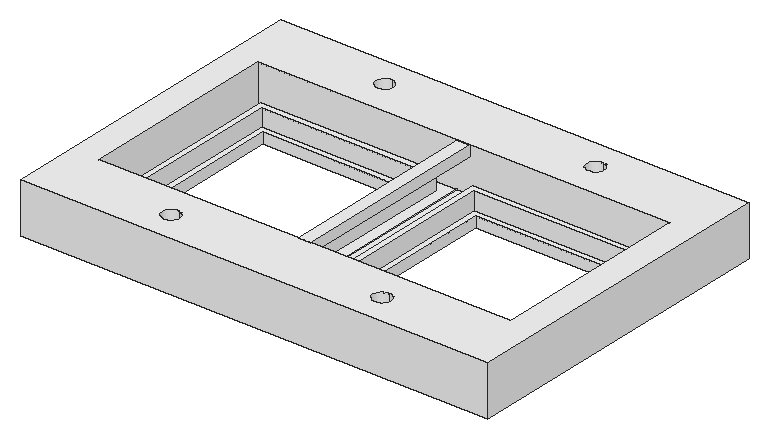
Revit family "Gira_021267", category Electrical Fixtures, host Face, Revit 2017
Family settings
  Host = Face
  Maintain Annotation Orientation = No
  Round Connector Dimension = Use Diameter
  Part Type = Normal
  Cut with Voids When Loaded = No
  Shared = No
  Room Calculation Point = No
Parameters (values of type "Cov.fr. 2-g Gira TX_44 (WP FM) anthra.")
  With mounting grid = "No"
  With hinged lid = "No"
  URL = "http://katalog.gira.de/en/datenblatt.html?artikelnr=021267"
  Type of fastening = "Clamp mounting"
  Transparent = "No"
  Surface protection = "Lacquered"
  Suitable for wall duct = "No"
  Suitable for flush-mounted installation = "Yes"
  Suitable for floor box = "No"
  Suitable for built-in installation = "No"
  Number of units vertical = "2"
  Number of units horizontal = "2"
  Number of units = "2"
  Name = "Cov.fr. 2-g Gira TX_44 (WP FM) anthra."
  Mounting direction = "Horizontal and vertical"
  Material quality = "Thermoplastic"
  Material = "Plastic"
  Manufacturer URL = "https://www.gira.de/"
  Manufacturer = "Gira"
  Label space/information surface = "No"
  Keynote = ""
  HeinzeBIM = "https://bimportal.heinze.de/bim/cov-fr-2-g-gira-tx-44-wp-fm-anthra-/a7923dc21dd9dc17ef88902b560a82a0d54c9aa1"
  Halogen free = "No"
  HAN = "021267"
  GTIN = "4010337212676"
  Description = "Cov.fr.2g TX_44 AN,Gira TX_44 cover frame,anthracite,2-gang,Features:,- Shatter-proof.,,Notes :,- Frames are easy to install without tools; disassembly requires a Torx screwdriver T9 or T10.,- Wall plug mounting is possible.,- Centre inserts safeguarded against disassembly."
  Degree of protection (IP) = "IP44"
  Default Elevation = 1219.2 mm
  Data sheet (1) = "https://katalog.gira.de/en/download.html?artikelnr=021267"
  Colour = "Anthracite"
  Category = "Cover frame for domestic switching devices"
  BIM (1) = "https://media.stage.bim.site/public/gira/36a6b08/TX44_Rahmen_2fach.rfa"
  Available = "No"
Reference planes
  plane 1 "Center (Front/Back)": y = 0
  plane 2: z = 0
  plane 3 "Center (Left/Right)": x = 0
  plane 4: x = 78.75
  plane 5: x = 2
  plane 6: x = -2
Forms (mm)
  Extrusion 1, solid, material "White", detail levels fine
    sketch origin (-35.841, 0, 0) x (0, -1, 0) y (1, 0, 0)
      loop
        line (-54.959, 114.591) -> (-54.959, -42.909) -> (54.959, -42.909) -> (54.959, 114.591) -> (-54.959, 114.591)
      loop
        line (-33.5, -33.5) -> (33.5, -33.5) -> (33.5, 105.183) -> (-33.5, 105.183) -> (-33.5, -33.5)
      loop
        circle (-45, -0.006) r 3
      loop
        circle (44.992, 0.001) r 3
      loop
        circle (-45, 71.094) r 3
      loop
        circle (44.992, 71.101) r 3
    from 0 to 16.9
  Extrusion 2, solid, material "White", detail levels fine
    sketch origin (-35.841, 0, 0) x (0, -1, 0) y (1, 0, 0)
      loop
        line (-25.5, 25.5) -> (-25.5, -25.5) -> (25.5, -25.5) -> (25.5, 25.5) -> (-25.5, 25.5)
      loop
        line (-33.5, 33.5) -> (-33.5, -33.5) -> (33.5, -33.5) -> (33.5, 33.5) -> (-33.5, 33.5)
    from -1.6 to 2
  Extrusion 3, solid, material "White", detail levels fine
    sketch origin (-35.841, 0, 0) x (0, -1, 0) y (1, 0, 0)
      loop
        line (-27.5, 27.5) -> (-27.5, -27.5) -> (27.5, -27.5) -> (27.5, 27.5) -> (-27.5, 27.5)
      loop
        line (-29.5, 29.5) -> (-29.5, -29.5) -> (29.5, -29.5) -> (29.5, 29.5) -> (-29.5, 29.5)
    from 2 to 7.8
  Extrusion 4, solid, material "White", detail levels coarse+medium
    sketch origin (-35.841, 0, 0) x (0, -1, 0) y (1, 0, 0)
      loop
        line (-54.959, 114.591) -> (-54.959, -42.909) -> (54.959, -42.909) -> (54.959, 114.591) -> (-54.959, 114.591)
    from -1.6 to 16.9
  Extrusion 5, solid, material "White", detail levels fine
    sketch origin (35.841, 0, 0) x (0, -1, 0) y (1, 0, 0)
      loop
        line (-25.5, 25.5) -> (-25.5, -25.5) -> (25.5, -25.5) -> (25.5, 25.5) -> (-25.5, 25.5)
      loop
        line (-33.5, 33.5) -> (-33.5, -33.5) -> (33.5, -33.5) -> (33.5, 33.5) -> (-33.5, 33.5)
    from -1.6 to 2
  Extrusion 6, solid, material "White", detail levels fine
    sketch origin (35.841, 0, 0) x (0, -1, 0) y (1, 0, 0)
      loop
        line (-27.5, 27.5) -> (-27.5, -27.5) -> (27.5, -27.5) -> (27.5, 27.5) -> (-27.5, 27.5)
      loop
        line (-29.5, 29.5) -> (-29.5, -29.5) -> (29.5, -29.5) -> (29.5, 29.5) -> (-29.5, 29.5)
    from 2 to 7.8
  Extrusion 7, solid, material "White", detail levels fine
    sketch origin (-35.841, 0, 0) x (0, -1, 0) y (1, 0, 0)
      loop
        line (-33.5, 38.183) -> (-33.5, 33.5) -> (33.5, 33.5) -> (33.5, 38.183) -> (-33.5, 38.183)
    from 0 to 2
  Extrusion 8, solid, material "White", detail levels fine
    sketch origin (-35.841, 0, 0) x (0, -1, 0) y (1, 0, 0)
      loop
        line (-33.5, 37.841) -> (-33.5, 33.841) -> (33.5, 33.841) -> (33.5, 37.841) -> (-33.5, 37.841)
    from 13.4 to 16.9
Dimensions and locks
  aligned and locked: plane 2 to host face
  aligned and locked: level to host face
